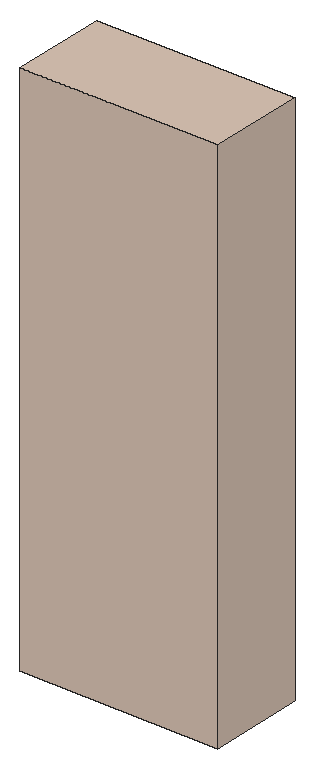
Revit family "Niche_NobleCompany_304_305", category Generic Models, host Wall, Revit 2016
Family settings
  Host = Wall
  Part Type = Normal
  Can host rebar = No
  Round Connector Dimension = Use Diameter
  Always vertical = Yes
  Cut with Voids When Loaded = No
  Shared = No
  Room Calculation Point = No
Parameters (values of type "305 Narrow Combo")
  Width = 0' - 8 1/4"
  URL = "www.noblecompany.com"
  Specification = ""
  Sales Information = "http://noblecompany.com/contact/"
  Revision = "R1_09-2016"
  Product Properties = "http://noblecompany.com/products/noble-niches"
  Product Data = "http://www.arcat.com/arcatcos/cos34/arc34489.html"
  Niche Material = Acrylic Polymer Finish
  Model = "305"
  Manufacturer Website = "www.noblecompany.com"
  Manufacturer Phone - Toll Free = "800-878-5788"
  Manufacturer Phone = "231-799-8000"
  Manufacturer Fax = "231-799-8850"
  Manufacturer Address = "P. O. Box 350, Grand Haven, MI 49417-0350"
  Manufacturer = "Noble Company"
  Keynote = "10 28 00"
  Installation-Fabrication = "http://noblecompany.com/storage/docs/resources/NN062016-13_Noble_Niche_Installation_Instruction.pdf"
  Instal Height [instance] = 5' - 0"
  Height = 1' - 10 1/2"
  Drawn By = "Sumex Design - Robert S Weygant"
  Description = "305 Narrow Combo Niche"
  Depth = 0' - 4"
  Copyright = "� 2016 ARCAT Inc."
  Construction Details = ""
  Assembly Code = "D2010700"
Types (2): name | Width | Model | Description
  304 Wide Combo | 1' - 2 1/4" | "304" | "304 Wide Combo Niche"
  305 Narrow Combo | 0' - 8 1/4" | "305" | "305 Narrow Combo Niche"
Reference planes (in)
  plane 1: y = 0
  plane 2 "Center (Left/Right)": x = 0
  plane 3 "Wall Edge": y = 3
  plane 4: x = -4.125
  plane 5: y = 3.125
  plane 6: y = -0.875
  plane 7: x = 4.125
  plane 8: z = 60
  plane 9: z = 37.5
  plane 10: x = -3
  plane 11: x = 3
  plane 12: y = -0.375
  plane 13: z = 38.625
  plane 14: z = 44.625
  plane 15: z = 46.875
  plane 16: z = 58.875
Forms (in)
  Extrusion 1, void
    sketch origin (0, 0, 0) x (1, 0, 0) y (0, 1, 0)
      loop
        line (-4.125, 3.125) -> (-4.125, -0.875) -> (4.125, -0.875) -> (4.125, 3.125) -> (-4.125, 3.125)
    from 37.5 to 60
  Extrusion 2, solid, material "Acrylic Polymer Finish" <- "Niche Material"
    sketch origin (0, 0, 0) x (1, 0, 0) y (0, 1, 0)
      loop
        line (-4.125, 3.125) -> (-4.125, -0.875) -> (4.125, -0.875) -> (4.125, 3.125) -> (-4.125, 3.125)
    from 37.5 to 60
  Extrusion 3, void
    sketch origin (0, 3, 0) x (1, 0, 0) y (0, 0, 1)
      loop
        line (3, 58.875) -> (-3, 58.875) -> (-3, 46.875) -> (3, 46.875) -> (3, 58.875)
      loop
        line (3, 44.625) -> (-3, 44.625) -> (-3, 38.625) -> (3, 38.625) -> (3, 44.625)
    from -0.125 to 3.375
Cuts and joins
  Extrusion 3 cuts Extrusion 2
Text (in)
  text "Placement Side" at (0, 40.15149, 123.01588), in view "Right"
  text "Placement Side" at (-105.78919, 39.84311, 0), in view "Ref. Level"
  text "Placement Side" at (0, 81.62555, 140.59947), in view "Left"
Dimensions and locks (in)
  locked: plane 3 "Wall Edge" to host wall
  equal spacing: plane 4, plane 2 "Center (Left/Right)", plane 7
  "Width": plane 4 to plane 7
  "Depth": plane 5 to plane 6
  locked: plane 5 to plane 3 "Wall Edge" at 0.125
  "Height": plane 9 to plane 8
  "Instal Height": level to plane 8
  locked: plane 12 to plane 6 at 0.5
  locked: plane 4 to plane 10 at 1.125
  locked: plane 11 to plane 7 at 1.125
  locked: plane 13 to plane 14 at 6
  locked: plane 15 to plane 16 at 12
  locked: plane 16 to plane 8 at 1.125
  locked: plane 9 to plane 13 at 1.125
  aligned and locked: Extrusion 1 sketch curve to plane 5
  aligned and locked: plane 4 to Extrusion 1 sketch curve
  aligned and locked: plane 6 to Extrusion 1 sketch curve
  aligned and locked: plane 7 to Extrusion 1 sketch curve
  aligned and locked: plane 8 to Extrusion 1
  aligned and locked: Extrusion 1 to plane 9
  aligned and locked: Extrusion 2 sketch curve to plane 5
  aligned and locked: plane 4 to Extrusion 2 sketch curve
  aligned and locked: plane 6 to Extrusion 2 sketch curve
  aligned and locked: plane 7 to Extrusion 2 sketch curve
  aligned and locked: plane 8 to Extrusion 2
  aligned and locked: Extrusion 2 to plane 9
  aligned and locked: plane 16 to Extrusion 3 sketch curve
  aligned and locked: plane 11 to Extrusion 3 sketch curve  (x2)
  aligned and locked: Extrusion 3 sketch curve to plane 15
  aligned and locked: plane 10 to Extrusion 3 sketch curve  (x2)
  aligned and locked: plane 14 to Extrusion 3 sketch curve
  aligned and locked: Extrusion 3 sketch curve to plane 13
  aligned and locked: Extrusion 3 to plane 12
  aligned and locked: plane 5 to Extrusion 3
